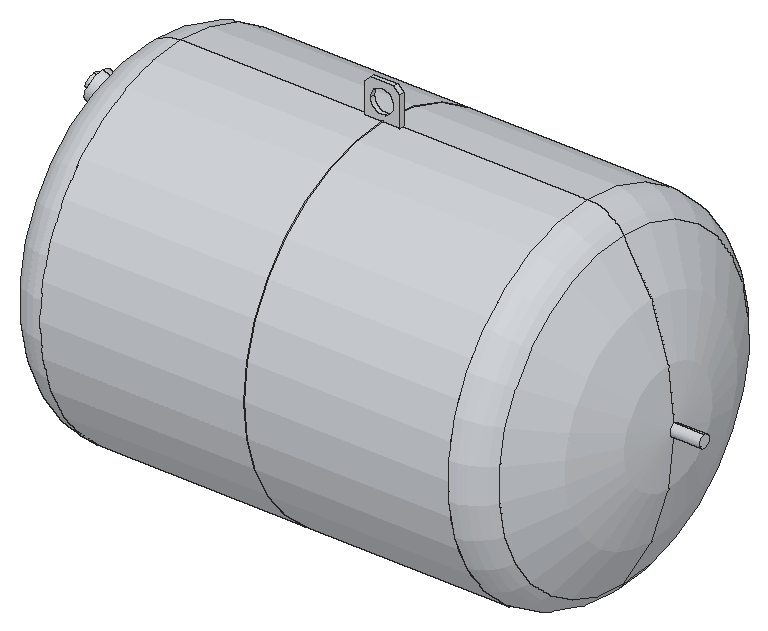
Revit family
Parameters (values of type "AX-240 150# W.P. 10 BAR")
  Weight = "403 lbs"
  Tank Volume = "132 Gal"
  Tank Radius = Tank Diameter / 2  # 15.000"
  Tank Length = 49.625"
  Tank Diameter = 30.000"
  Pipe Connector Diameter = Pipe Connection Radius * 2  # 1.000"
  Pipe Connection Radius = 0.500"
  Off Ref Plane = 2.750"
  Model = "AX-240"
  Maximum Acceptance Volume = "45.0 Gal"
  Max Operating Temp = "240 DEG F"
  Max Operating Pressure = "150 PSI"
  Manufacturer = "Amtrol"
  Bladder/Diaphragm = "Diaphragm"
  ASME = no
  1/2 Tank Length = Tank Length / 2  # 24.8125"
Types (3): name | Weight | Max Operating Pressure
  (no name) | "403 lbs" | "150 PSI"
  AX-240 125# W.P. | "401 lbs" | "125 PSI"
  AX-240 150# W.P. 10 BAR | "403 lbs" | "150 PSI"
Reference planes (in)
  plane 1 "Center (Front/Back)": y = 0
  plane 2: z = 0
  plane 3 "Center (Left/Right)": x = 0
  plane 4: z = 2.75
Forms (in)
  Sweep 1, solid
    path origin (4.99944, 0, 2.98695) x (1, 0, 0) y (0, 0, 1)
      loop
        line (19.84719, 14.75873) -> (22.34719, 14.75873)
    profile origin (26.09662, 0, 17.74569) x (0, 0, 1) y (0, -1, 0)
      loop
        circle (0, 0) r 0.5
  Extrusion 2, solid
    sketch origin (0, 0.0625, 6.02034) x (1, 0, 0) y (0, 0, 1)
      loop
        line (-1.5, 26.60132) -> (1.5, 26.60132) -> (1.5, 29.25) -> (1, 29.75) -> (-1, 29.75) -> (-1.5, 29.25) -> (-1.5, 26.60132)
      loop
        circle (0, 28.20804) r 1
    from -0.10608 to 0.25
  Revolve 3, solid
    sketch origin (-5.42986, 0, 10.95384) x (-1, 0, 0) y (0, 0, 1)
      loop
        line (17.47, 15.29207) -> (17.95407, 14.09398) -> (19.57664, 14.74954) -> (19.38933, 15.21313) -> (19.51478, 15.26381) -> (19.46636, 15.38366) -> (19.78936, 15.51416) -> (19.54102, 16.12882) -> (17.47, 15.29207)
      axis (17.47, 15.29207) -> (19.54102, 16.12882)
    angle from 0 to 360
  Revolve 4, solid
    sketch origin (0, 0, 0) x (1, 0, 0) y (0, 0, 1)
      loop
        line (-24.8125, 17.74569) -> (0, 17.74569) -> (0, 32.74569) -> (-17.40644, 32.74569)
        arc (-17.40644, 32.74569) -> (-19.13229, 32.27408) -> (-20.47991, 31.09725) r 4
        arc (-20.47991, 31.09725) -> (-23.7017, 24.76398) -> (-24.8125, 17.74569) r 22.75
      axis (0, 17.74569) -> (-24.8125, 17.74569)
    angle from 0 to 360
  Revolve 5, solid
    sketch origin (0, 0, 0) x (-1, 0, 0) y (0, 0, 1)
      loop
        line (-24.8125, 17.74569) -> (0, 17.74569) -> (0, 32.74569) -> (-17.40644, 32.74569)
        arc (-17.40644, 32.74569) -> (-19.13229, 32.27408) -> (-20.47991, 31.09725) r 4
        arc (-20.47991, 31.09725) -> (-23.7017, 24.76398) -> (-24.8125, 17.74569) r 22.75
      axis (0, 17.74569) -> (-24.8125, 17.74569)
    angle from 0 to 360
Dimensions and locks (in)
  plane 4 to plane 2 = 2.750"
  Revolve 3 sketch curve to Revolve 3 sketch curve = 2.23366"
  Revolve 3 sketch curve to Revolve 3 sketch curve = 1.750"
  Revolve 3 sketch curve to Revolve 3 sketch curve = 1.8853"
  Revolve 4 sketch curve to level = 17.74569"
  "Tank Radius": Revolve 4 sketch curve to Revolve 4 sketch curve
  "1/2 Tank Length": Revolve 4 sketch curve to Revolve 4 sketch curve
  "Tank Radius": Revolve 5 sketch curve to Revolve 5 sketch curve
  "1/2 Tank Length": Revolve 5 sketch curve to Revolve 5 sketch curve
  Revolve 5 sketch curve to level = 17.74569"
  Sweep 1 sketch curve to Revolve 5 = 7.44018"
  Revolve 3 sketch curve to Revolve 4 = 5.97749"
  locked: Revolve 3 sketch curve to Revolve 4 at 5.49343
  radius of Revolve 4 sketch curve = 22.750"
  radius of Revolve 4 sketch curve = 4.000"
  radius of Revolve 5 sketch curve = 22.750"
  radius of Revolve 5 sketch curve = 4.000"
  aligned and locked: Revolve 4 sketch curve to Revolve 4 sketch curve  (x2)
  aligned and locked: Revolve 5 sketch curve to Revolve 5 sketch curve  (x2)
  aligned and locked: import instance to plane 1 "Center (Front/Back)"
  aligned and locked: import instance to plane 4
Automatic sketch dimensions
  Sweep 1 sketch curve to plane 1 "Center (Front/Back)" = 0.000"
  profile plane to Sweep 1 sketch curve = 0.000"
  Extrusion 2 sketch curve to plane 3 "Center (Left/Right)" = 0.000"
  Extrusion 2 sketch curve to plane 3 "Center (Left/Right)" = 1.000"
  Extrusion 2 sketch curve to plane 3 "Center (Left/Right)" = 1.500"
  plane 3 "Center (Left/Right)" to Extrusion 2 sketch curve = 1.000"
  plane 3 "Center (Left/Right)" to Extrusion 2 sketch curve = 1.500"
  plane 4 to Extrusion 2 sketch curve = 29.87167"
  Extrusion 2 sketch curve to Extrusion 2 sketch curve = 1.60672"
  Extrusion 2 sketch curve to Extrusion 2 sketch curve = 1.04196"  (x2)
  Extrusion 2 sketch curve to Extrusion 2 sketch curve = 0.500"
  Revolve 3 sketch curve to Revolve 3 sketch curve = 1.21693"
  Revolve 3 sketch curve to Revolve 3 sketch curve = 1.43527"
  Revolve 3 sketch curve to Revolve 3 sketch curve = 0.07703"
  Revolve 3 sketch curve to level = 26.21765"
  Revolve 3 sketch curve to Revolve 3 sketch curve = 0.04842"
  Revolve 3 sketch curve to Revolve 3 sketch curve = 0.88438"
  Revolve 3 sketch curve to Revolve 3 sketch curve = 0.49167"
  Revolve 3 sketch curve to Revolve 3 sketch curve = 0.35731"
  Revolve 4 sketch curve to plane 3 "Center (Left/Right)" = 0.000"
  Revolve 4 sketch curve to Revolve 4 sketch curve = 5.3837"
  Revolve 4 sketch curve to Revolve 4 sketch curve = 4.33259"
  Revolve 4 sketch curve to Revolve 4 sketch curve = 0.000"
  Revolve 4 sketch curve to Revolve 4 sketch curve = 3.07347"
  Revolve 5 sketch curve to plane 3 "Center (Left/Right)" = 0.000"
  Revolve 5 sketch curve to Revolve 5 sketch curve = 5.3837"
  Revolve 5 sketch curve to Revolve 5 sketch curve = 4.33259"
  Revolve 5 sketch curve to Revolve 5 sketch curve = 0.000"
  Revolve 5 sketch curve to Revolve 5 sketch curve = 3.07347"
  Sweep 1 sketch curve to Sweep 1 sketch curve = 2.500"
  plane 4 to Sweep 1 sketch curve = 14.99569"
  radius of Sweep 1 sketch curve = 0.500"
  radius of Extrusion 2 sketch curve = 1.000"
Connectors (in)
  piping at (27.34662, 0, 17.74569), driven by "Pipe Connection Radius"
    settings: on Sweep 1, index 1
